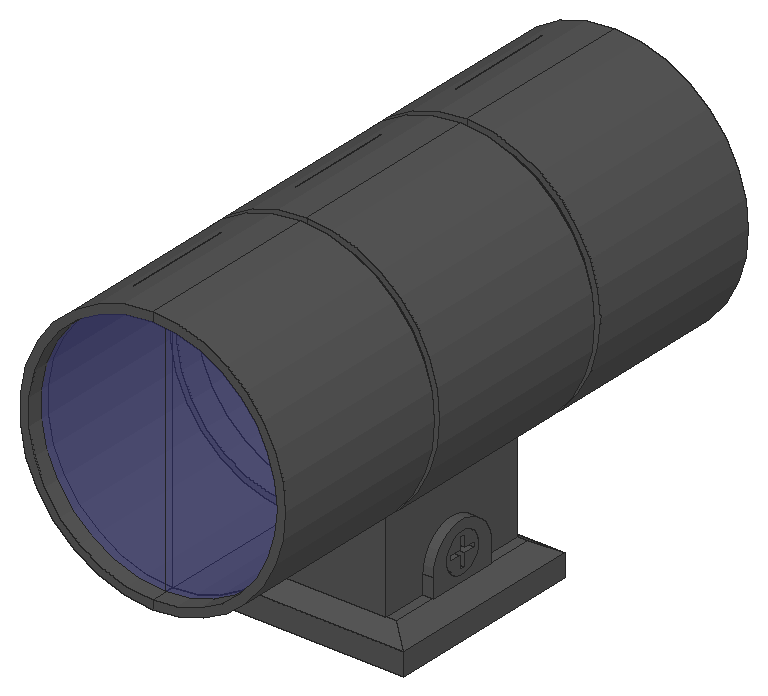
Revit family "CARLO CYLINDER LIGHT WALL MOUNT", category Lighting Fixtures, host Face, Revit 2020 (continued)
Types (10): name | Wattage_Input | Wattage Comments | Wattage | Photometric Web File | built-in parameter 1150142 | Model | built-in parameter 1150105 | Lumens | Light Length 1 | LIGHT RADIUS | LIGHT PLACEMENT | LIGHT LENGTH | LIGHT DIA | built-in parameter 1150106 | FIXED END HEIGHT | Curve base Height | Base Curve | BEAMING ANGLE | Apparent Load
     125.94 126.99 127.87 128.69 129.6 130.53 131.46 \r\n 132.41 133.39 134.41 135.54 136.69 137.72 138.83 140.15 141.69 143.44 \r\n 145.48 147.83 150.56 153.76 157.46 161.66 166.54 172.26 178.96 186.78 \r\n 195.9 206.21 218.76 235.33 253.64 270.78 290.47 316.03 345.8 379.58 \r\n 416.3 454.47 495.21 539.92 586.38 632.32 679.29 728.39 778.64 829.39 \r\n 880.76 933.22 985.08 1034.9 1082.4 1127 1168.5 1206.4 1240.1 1268.4 \r\n 1293.7 1318.2 1341.9 1366.2 1389 1408.2 1424.5 1438.9 1448.8 1451.7 \r\n 1452.3 \r\n1448.4 1453.2 1450.4 1442.6 1430.5 1414.9 1396.1 1374.8 1351.4 1326.6 \r\n 1299.9 1271.1 1238.8 1200.3 1158.7 1116.6 1072.8 1026.8 979.09 930.14 \r\n 880.37 830.29 780.03 729.73 679.92 630.93 583.47 538.49 495.63 454.7 \r\n 416.09 380.06 346.82 316.51 289.67 267.55 248.14 229.3 212.75 199.99 \r\n 189.59 180.58 173.05 166.89 161.78 157.37 153.65 150.57 147.93 145.51 \r\n 143.39 141.6 140.06 138.74 137.58 136.58 135.61 134.54 133.43 132.31 \r\n 131.19 130.12 129.08 128.04 127.01 126.07 125.04 123.72 122.27 120.91 \r\n 119.31 117.48 114.63 109.59 103.55 97.4 90.875 83.956 76.813 69.564 \r\n 62.349 55.375 48.559 41.864 35.357 28.918 23.07 18.27 14.593 12.532 \r\n 11.29 10.238 9.3571 8.3647 7.416 6.5541 5.8329 5.3557 5.0175 4.7568 \r\n 4.5468 4.3343 4.1369 3.9547 3.7872 3.6373 3.4947 3.347 3.203 3.0698 \r\n 2.9408 2.8167 2.6834 2.515 2.348 2.2213 2.101 1.9636 1.817 1.6525 \r\n 1.4972 1.3902 1.2863 1.1386 0.99152 0.88084 0.78544 0.69726 0.6129 0.51993 \r\n 0.43732 0.38548 0.34762 0.31247 0.28386 0.26299 0.24651 0.23456 0.22469 0.21431 \r\n 0.20389 0.19236 0.18168 0.17412 0.1676 0.16058 0.1536 0.14673 0.13983 0.13269 \r\n 0.12554 0.11852 0.11176 0.10556 0.099505 0.093484 0.086928 0.078863 0.070399 0.062418 \r\n 0.054633 0.046965 0.039676 0.03261 0.026941 0.024831 0.02316 0.018271 0.013928 0.014542 \r\n 0.014518 0.0073936 0.00017382 0 0 0 0 0 0 0 \r\n 0 0 0 0 0 0 0.000013 0.00033482 0.0015541 0.0050452 \r\n 0.0087502 0.010344 0.012002 0.015575 0.019708 0.023273 0.027429 0.032913 0.039865 0.049414 \r\n 0.059331 0.067671 0.074711 0.079873 0.083776 0.085847 0.089085 0.097898 0.10749 0.11321 \r\n 0.11905 0.12867 0.1385 0.14549 0.15182 0.15896 0.16609 0.17222 0.17939 0.19044 \r\n 0.20205 0.21075 0.21995 0.23253 0.24669 0.26229 0.2807 0.30182 0.32987 0.36818 \r\n 0.41942 0.48941 0.57206 0.66358 0.76294 0.86464 0.97832 1.1198 1.2651 1.3885 \r\n 1.5106 1.6447 1.7859 1.9396 2.0881 2.2036 2.3219 2.4795 2.6463 2.8045 \r\n 2.9533 3.0784 3.2028 3.3511 3.5048 3.6526 3.7982 3.9345 4.0837 4.2735 \r\n 4.48 4.6752 4.8989 5.1529 5.5237 6.1208 6.8775 7.7649 8.7788 9.9087 \r\n 11.144 12.241 13.892 16.78 20.693 25.827 31.644 37.604 43.916 50.626 \r\n 57.681 65.129 72.706 80.19 87.505 94.493 101.19 107.81 113.66 117.96 \r\n 121.11 123.05 124.37 125.66 126.76 127.65 128.46 129.36 130.27 131.21 \r\n 132.18 133.19 134.24 135.37 136.5 137.54 138.65 139.96 141.47 143.19 \r\n 145.18 147.48 150.17 153.31 156.93 161.02 165.78 171.33 177.85 185.52 \r\n 194.47 204.6 216.75 232.19 249.48 266.68 286.6 311.88 341.19 374.34 \r\n 410.47 448.35 488.85 533.06 579.1 625.08 672.09 720.8 770.54 820.87 \r\n 871.9 924.19 976.05 1026.1 1074 1119 1161 1199.5 1234 1262.9 \r\n 1288.7 1313.3 1336.9 1361.1 1384 1403.9 1421.1 1436.1 1446.8 1450.7 \r\n 1452.3 \r\n1448.4 1452.3 1449.3 1441.5 1429.6 1414 1395.3 1374.1 1350.9 1326.6 \r\n 1300.1 1271.5 1239.2 1200.9 1159.5 1117.2 1073.2 1027 979.17 930.11 \r\n 880.25 830.12 779.83 729.44 679.59 630.78 583.5 538.44 495.44 454.42 \r\n 415.74 379.67 346.43 316.06 289.36 268.06 249.33 229.97 212.7 199.77 \r\n 189.36 180.38 172.92 166.78 161.68 157.3 153.61 150.53 147.9 145.48 \r\n 143.36 141.59 140.06 138.71 137.53 136.55 135.62 134.56 133.47 132.41 \r\n 131.36 130.32 129.3 128.29 127.3 126.39 125.39 124.1 122.67 121.31 \r\n 119.67 117.72 114.75 109.67 103.59 97.364 90.724 83.617 76.262 68.798 \r\n 61.417 54.424 47.629 40.906 34.373 27.938 22.107 17.324 13.671 11.647 \r\n 10.45 9.4521 8.6345 7.7162 6.8579 6.118 5.5222 5.1539 4.8997 4.6742 \r\n 4.4766 4.2719 4.078 3.9015 3.7417 3.6054 3.476 3.3358 3.1956 3.061 \r\n 2.9306 2.8122 2.6844 2.5148 2.3443 2.2137 2.0913 1.9583 1.8164 1.6506 \r\n 1.492 1.382 1.2762 1.1309 0.98541 0.86915 0.76737 0.67686 0.5924 0.50235 \r\n 0.42285 0.37088 0.3323 0.2979 0.26979 0.2473 0.22954 0.21784 0.20858 0.19827 \r\n 0.1879 0.17685 0.16651 0.15852 0.15156 0.14491 0.13852 0.1321 0.12566 0.11914 \r\n 0.1124 0.10486 0.097685 0.09237 0.087338 0.08149 0.074881 0.066995 0.058449 0.0495 \r\n 0.040707 0.032674 0.025524 0.01936 0.014849 0.013527 0.012894 0.010149 0.007731 0.008261 \r\n 0.0083992 0.0042979 0.00010061 0 0 0 0 0 0 0 \r\n 0 0 0 0 0 0 0.000023 0.00064946 0.0026759 0.0081177 \r\n 0.013899 0.016676 0.019271 0.02389 0.02905 0.033852 0.038751 0.043611 0.049313 0.057354 \r\n 0.065753 0.072733 0.079167 0.08564 0.091239 0.093989 0.097648 0.10699 0.11699 0.12289 \r\n 0.12867 0.13765 0.14696 0.15446 0.16133 0.16797 0.17459 0.18133 0.18888 0.19852 \r\n 0.20872 0.21776 0.22754 0.23975 0.25333 0.26961 0.28848 0.30814 0.3351 0.37577 \r\n 0.42865 0.49484 0.57298 0.66302 0.76216 0.86547 0.97919 1.1127 1.2516 1.3825 \r\n 1.5121 1.6405 1.7748 1.9296 2.082 2.2038 2.3257 2.4755 2.6344 2.796 \r\n 2.9508 3.0789 3.2041 3.3487 3.4971 3.6406 3.7802 3.9059 4.0424 4.2173 \r\n 4.4117 4.6129 4.831 5.0449 5.3355 5.777 6.3677 7.1394 8.0654 9.1524 \r\n 10.333 11.291 12.78 15.527 19.294 24.271 29.9 35.56 41.619 48.311 \r\n 55.407 62.834 70.353 77.651 84.869 92.107 99.168 106.1 112.26 116.88 \r\n 120.32 122.51 124 125.39 126.53 127.43 128.24 129.12 130.02 130.95 \r\n 131.93 132.97 134.06 135.18 136.3 137.35 138.47 139.77 141.25 142.93 \r\n 144.87 147.13 149.75 152.82 156.36 160.34 164.97 170.34 176.66 184.17 \r\n 192.92 202.86 214.59 228.92 245.24 262.62 282.86 307.76 336.44 368.9 \r\n 404.4 442.02 482.29 525.95 571.51 617.55 664.63 712.94 762.19 812.09 \r\n 862.79 914.86 966.67 1016.9 1065.2 1110.7 1153.2 1192.4 1227.6 1257.2 \r\n 1283.6 1308.2 1331.7 1355.9 1378.9 1399.5 1417.6 1433.3 1444.7 1449.7 \r\n 1452.3 \r\n1448.4 1451.4 1448.2 1440.3 1428.4 1412.8 1394.2 1373.2 1350.2 1326.2 \r\n 1300.1 1271.4 1239.1 1201.1 1159.8 1117.3 1072.9 1026.5 978.52 929.35 \r\n 879.42 829.23 778.89 728.42 678.56 629.94 582.84 537.73 494.62 453.56 \r\n 414.86 378.8 345.59 315.22 288.69 268.22 250.17 230.49 212.67 199.54 \r\n 189.07 180.14 172.77 166.65 161.58 157.24 153.58 150.51 147.87 145.44 \r\n 143.32 141.57 140.06 138.68 137.48 136.52 135.61 134.56 133.49 132.49 \r\n 131.51 130.51 129.51 128.54 127.6 126.72 125.74 124.49 123.09 121.72 \r\n 120.04 117.93 114.81 109.7 103.62 97.328 90.58 83.309 75.768 68.101 \r\n 60.558 53.522 46.724 39.972 33.419 26.987 21.177 16.44 12.844 10.87 \r\n 9.7246 8.7744 8.0105 7.1594 6.3818 5.7465 5.2564 4.9757 4.7885 4.5949 \r\n 4.4112 4.2136 4.0227 3.8513 3.6983 3.5741 3.4567 3.3236 3.1873 3.0515 \r\n 2.9199 2.8062 2.6831 2.5129 2.34 2.2061 2.0816 1.9522 1.8141 1.6476 \r\n 1.4868 1.3733 1.265 1.1223 0.97875 0.85788 0.75056 0.65752 0.57262 0.48569 \r\n 0.40957 0.35744 0.31808 0.2846 0.2572 0.23331 0.21436 0.20281 0.19407 0.18393 \r\n 0.17376 0.16323 0.15327 0.14491 0.13758 0.13122 0.1253 0.11919 0.11308 0.10711 \r\n 0.10072 0.092697 0.085134 0.080572 0.076432 0.070799 0.064229 0.056577 0.048027 0.038297 \r\n 0.028634 0.020134 0.012963 0.0076397 0.0042092 0.0034928 0.003685 0.0028871 0.0021985 0.0024383 \r\n 0.002549 0.0013136 0.000031 0 0 0 0 0 0 0 \r\n 0 0 0 0 0 0 0.000032 0.00096492 0.0037262 0.010832 \r\n 0.018387 0.022234 0.025679 0.031154 0.037135 0.042976 0.048487 0.052767 0.057304 0.063797 \r\n 0.070717 0.076744 0.082947 0.090652 0.097774 0.10124 0.10534 0.11501 0.12523 0.13138 \r\n 0.13714 0.14533 0.15397 0.16198 0.16944 0.17564 0.18183 0.18923 0.19723 0.20557 \r\n 0.21445 0.22383 0.23414 0.24591 0.25885 0.27556 0.2948 0.31351 0.33974 0.38205 \r\n 0.43579 0.4982 0.57216 0.66133 0.76061 0.86471 0.97786 1.1047 1.2387 1.3763 \r\n 1.5126 1.6354 1.763 1.9194 2.0761 2.2037 2.329 2.4717 2.6235 2.7882 \r\n 2.9481 3.0786 3.2041 3.3451 3.4884 3.6285 3.7634 3.8808 4.0071 4.1694 \r\n 4.3535 4.5596 4.773 4.9537 5.1781 5.4919 5.9467 6.6245 7.4791 8.5308 \r\n 9.6624 10.496 11.835 14.436 18.051 22.874 28.329 33.738 39.59 46.279 \r\n 53.418 60.823 68.281 75.404 82.525 89.987 97.366 104.54 110.95 115.88 \r\n 119.62 122.04 123.71 125.18 126.35 127.27 128.07 128.93 129.81 130.74 \r\n 131.72 132.8 133.91 135.02 136.13 137.19 138.32 139.6 141.05 142.7 \r\n 144.6 146.8 149.35 152.35 155.8 159.68 164.17 169.36 175.5 182.84 \r\n 191.4 201.12 212.48 225.89 241.45 259.1 279.67 304.02 331.92 363.69 \r\n 398.59 435.97 476.03 519.13 564.2 610.26 657.4 705.37 754.17 803.7 \r\n 854.07 905.87 957.59 1008.1 1056.8 1102.7 1145.7 1185.5 1221.3 1251.6 \r\n 1278.5 1303.3 1326.8 1350.9 1373.9 1395.2 1414.2 1430.6 1442.8 1448.8 \r\n 1452.3 \r\n1448.4 1450.6 1446.9 1438.8 1426.6 1410.7 1391.9 1371 1348.2 1324.4 \r\n 1298.3 1269.6 1237.1 1199.1 1157.6 1114.5 1069.4 1022.7 974.52 925.24 \r\n 875.23 824.95 774.56 724.17 674.44 625.97 579.02 533.99 490.98 450.1 \r\n 411.63 375.8 342.8 312.58 286.23 266.09 248.44 229.16 211.68 198.69 \r\n 188.29 179.54 172.33 166.31 161.29 157.01 153.39 150.32 147.68 145.28 \r\n 143.18 141.42 139.91 138.54 137.35 136.4 135.5 134.45 133.4 132.44 \r\n 131.5 130.54 129.6 128.68 127.77 126.93 125.98 124.76 123.37 121.99 \r\n 120.23 117.9 114.58 109.48 103.45 97.132 90.345 83.055 75.481 67.735 \r\n 60.099 52.979 46.125 39.388 32.874 26.447 20.678 16.106 12.688 10.817 \r\n 9.7334 8.8076 8.0483 7.2041 6.4254 5.7766 5.2651 4.9523 4.7406 4.5559 \r\n 4.3891 4.196 4.0063 3.8352 3.6821 3.5591 3.4438 3.3139 3.1803 3.0449 \r\n 2.9128 2.7985 2.6749 2.5054 2.3333 2.1995 2.0746 1.9433 1.8042 1.6411 \r\n 1.4833 1.3669 1.2553 1.1138 0.97232 0.85259 0.74535 0.64948 0.56231 0.47798 \r\n 0.40504 0.35296 0.31319 0.2808 0.25439 0.23 0.21044 0.1989 0.19037 0.18059 \r\n 0.17094 0.16123 0.15191 0.14337 0.13566 0.12926 0.12337 0.11727 0.11115 0.10518 \r\n 0.098717 0.090409 0.082621 0.078242 0.074352 0.068732 0.062158 0.054648 0.046247 0.036593 \r\n 0.026923 0.018209 0.01089 0.0058161 0.0027185 0.0021515 0.0024941 0.00212 0.0015995 0.00085841 \r\n 0.00020396 0.000016 0.000002 0 0 0 0 0 0 0 \r\n 0 0 0 0 0 0 0.000034 0.0010472 0.0038714 0.010905 \r\n 0.018389 0.022335 0.025826 0.031021 0.036696 0.04253 0.04797 0.051802 0.05569 0.061154 \r\n 0.067407 0.07419 0.081446 0.089565 0.09695 0.10079 0.10511 0.11453 0.12442 0.13065 \r\n 0.1364 0.14386 0.15184 0.16012 0.16802 0.17416 0.18035 0.18838 0.19685 0.20451 \r\n 0.21262 0.22219 0.23272 0.24401 0.25621 0.27211 0.29082 0.31017 0.33684 0.37806 \r\n 0.42998 0.48966 0.56162 0.65211 0.75293 0.85568 0.96731 1.0945 1.2297 1.37 \r\n 1.5082 1.6279 1.7527 1.9112 2.071 2.2001 2.326 2.468 2.619 2.7847 \r\n 2.9456 3.0756 3.1998 3.3386 3.48 3.6195 3.7546 3.8729 3.9995 4.1591 \r\n 4.3402 4.5456 4.7557 4.9242 5.1336 5.4342 5.8771 6.5454 7.3931 8.4491 \r\n 9.5708 10.356 11.612 14.083 17.556 22.258 27.616 32.984 38.818 45.496 \r\n 52.62 59.981 67.385 74.439 81.529 89.09 96.587 103.76 110.21 115.38 \r\n 119.39 121.96 123.72 125.22 126.4 127.35 128.17 129.02 129.88 130.81 \r\n 131.79 132.87 133.99 135.08 136.18 137.25 138.39 139.65 141.08 142.7 \r\n 144.56 146.69 149.18 152.12 155.52 159.33 163.74 168.82 174.83 182.04 \r\n 190.46 199.97 211.19 224.76 240.56 258.6 279.21 302.47 329.12 360.35 \r\n 394.98 432.17 472.05 514.75 559.44 605.37 652.44 700.29 748.94 798.25 \r\n 848.37 899.89 951.42 1002 1050.9 1097.2 1140.5 1180.5 1216.5 1247.3 \r\n 1274.6 1299.6 1323.1 1347.2 1370.4 1392.2 1411.8 1428.6 1441.3 1448.1 \r\n 1452.3 \r\n1448.4 1449.9 1445.6 1436.8 1424 1407.6 1388.5 1367.7 1345 1321.1 \r\n 1294.9 1265.9 1233.1 1194.7 1152.8 1108.8 1062.8 1015.6 967.18 917.76 \r\n 867.69 817.29 766.88 716.71 667.25 618.9 572.05 527.24 484.53 444.09 \r\n 406.08 370.7 338.1 308.19 282.04 261.75 244.16 225.98 209.7 197.18 \r\n 187.03 178.57 171.6 165.73 160.82 156.62 153.05 149.99 147.36 144.99 \r\n 142.93 141.16 139.64 138.31 137.16 136.2 135.28 134.24 133.2 132.24 \r\n 131.32 130.42 129.54 128.68 127.83 127.02 126.1 124.89 123.5 122.09 \r\n 120.23 117.62 114.04 108.98 103.06 96.756 90.001 82.836 75.384 67.688 \r\n 60.044 52.802 45.84 39.162 32.744 26.33 20.626 16.331 13.21 11.488 \r\n 10.476 9.5483 8.7424 7.8441 6.9828 6.2038 5.5464 5.0845 4.7588 4.5598 \r\n 4.4114 4.2195 4.0291 3.8537 3.694 3.5615 3.438 3.307 3.1748 3.0413 \r\n 2.9095 2.7891 2.6598 2.4922 2.3241 2.194 2.0705 1.9317 1.7866 1.6309 \r\n 1.4815 1.3629 1.2473 1.1055 0.96617 0.85332 0.75185 0.65295 0.56178 0.47936 \r\n 0.40926 0.35749 0.31776 0.28663 0.2615 0.23744 0.21789 0.20626 0.19764 0.18835 \r\n 0.17946 0.17086 0.16245 0.1539 0.14585 0.13908 0.13279 0.12638 0.11992 0.1134 \r\n 0.10647 0.098074 0.090234 0.085472 0.081185 0.075382 0.068754 0.061252 0.053109 0.044364 \r\n 0.035555 0.026936 0.019391 0.01396 0.010422 0.0095698 0.0094099 0.0079084 0.0059783 0.0036388 \r\n 0.0015382 0.00050155 0.000018 0 0 0 0 0 0 0 \r\n 0 0 0 0 0 0 0.000027 0.00087174 0.0030679 0.0083154 \r\n 0.013903 0.016958 0.019667 0.023468 0.027734 0.032522 0.037219 0.040764 0.044557 0.049579 \r\n 0.05602 0.065203 0.074709 0.082387 0.088747 0.092592 0.096888 0.10548 0.11454 0.12067 \r\n 0.12639 0.13325 0.14068 0.14897 0.1571 0.16358 0.17019 0.1788 0.18771 0.19531 \r\n 0.20324 0.21285 0.22332 0.23412 0.24566 0.25953 0.27681 0.29827 0.32647 0.36395 \r\n 0.41151 0.4696 0.54175 0.63561 0.73928 0.83872 0.94806 1.0823 1.2247 1.3637 \r\n 1.4988 1.6183 1.744 1.9051 2.0667 2.193 2.3169 2.4644 2.6209 2.7856 \r\n 2.9434 3.0701 3.1916 3.3298 3.4723 3.6143 3.7543 3.8827 4.0199 4.1871 \r\n 4.372 4.5714 4.7796 4.9568 5.2026 5.6042 6.1589 6.9023 7.8074 8.9067 \r\n 10.057 10.872 12.116 14.472 17.813 22.424 27.765 33.297 39.3 45.959 \r\n 53.008 60.305 67.667 74.763 81.892 89.422 96.827 103.78 110.05 115.38 \r\n 119.61 122.27 124.05 125.52 126.67 127.67 128.56 129.39 130.23 131.16 \r\n 132.14 133.2 134.29 135.37 136.45 137.54 138.68 139.92 141.32 142.92 \r\n 144.75 146.82 149.24 152.14 155.5 159.29 163.67 168.71 174.66 181.78 \r\n 190.11 199.41 210.74 225.5 242.53 261.02 281.38 303.06 328.07 358.96 \r\n 393.61 430.66 470.39 512.85 557.28 602.93 649.8 697.76 746.55 795.79 \r\n 845.74 896.98 948.24 998.71 1047.6 1094.2 1137.8 1177.6 1213.4 1244.3 \r\n 1271.9 1297 1320.7 1345 1368.3 1390.4 1410.2 1427.3 1440.4 1447.7 \r\n 1452.3 \r\n1448.4 1449.3 1444.3 1434.7 1421.3 1404.4 1384.9 1364.1 1341.5 1317.5 \r\n 1291.1 1261.8 1228.6 1189.8 1147.3 1102.3 1055.5 1007.8 959.12 909.56 \r\n 859.43 808.92 758.48 708.58 659.42 611.16 564.42 519.87 477.52 437.56 \r\n 400.08 365.17 333.03 303.6 277.78 257.24 239.61 222.6 207.62 195.61 \r\n 185.73 177.59 170.86 165.15 160.34 156.22 152.71 149.67 147.04 144.71 \r\n 142.68 140.9 139.36 138.08 136.98 136.01 135.07 134.02 132.99 132.02 \r\n 131.11 130.27 129.46 128.65 127.84 127.06 126.16 124.98 123.58 122.13 \r\n 120.17 117.27 113.43 108.4 102.59 96.318 89.609 82.591 75.292 67.685 \r\n 60.062 52.694 45.612 38.989 32.67 26.278 20.652 16.648 13.834 12.269 \r\n 11.33 10.388 9.5187 8.5567 7.604 6.6827 5.8664 5.2426 4.7923 4.5739 \r\n 4.4417 4.2492 4.0572 3.8775 3.711 3.5672 3.4335 3.3 3.1685 3.0375 \r\n 2.9066 2.7788 2.6427 2.4772 2.3138 2.1884 2.0666 1.9195 1.7674 1.6198 \r\n 1.4795 1.3588 1.2391 1.0968 0.95962 0.85458 0.75986 0.65814 0.56288 0.48216 \r\n 0.4147 0.36335 0.32382 0.29401 0.27022 0.24677 0.22747 0.21579 0.20704 0.19818 \r\n 0.18998 0.18243 0.17492 0.1665 0.15822 0.15102 0.14419 0.13733 0.13041 0.12329 \r\n 0.11587 0.10748 0.099634 0.094358 0.089545 0.083615 0.077007 0.069439 0.061498 0.053782 \r\n 0.045976 0.037518 0.029747 0.023845 0.019713 0.018459 0.017648 0.014741 0.011155 0.0072299 \r\n 0.0036637 0.0013877 0.000043 0 0 0 0 0 0 0 \r\n 0 0 0 0 0 0 0.000018 0.00062297 0.0020623 0.0053015 \r\n 0.0087551 0.010741 0.012515 0.014784 0.017512 0.021088 0.024949 0.028332 0.032227 0.036971 \r\n 0.043763 0.055561 0.067432 0.074468 0.079552 0.08335 0.0876 0.095231 0.10333 0.10937 \r\n 0.11511 0.12146 0.12839 0.13657 0.14485 0.15175 0.1589 0.16804 0.17737 0.18508 \r\n 0.19299 0.20263 0.21298 0.22334 0.23431 0.24619 0.26212 0.2859 0.31572 0.34901 \r\n 0.39178 0.44851 0.52124 0.61871 0.72535 0.82122 0.9281 1.0701 1.2203 1.357 \r\n 1.4882 1.6082 1.7357 1.8994 2.0628 2.1858 2.3074 2.4611 2.6239 2.7872 \r\n 2.9413 3.0644 3.1832 3.3212 3.4653 3.6104 3.7567 3.8977 4.048 4.2249 \r\n 4.4153 4.6076 4.8151 5.0081 5.3043 5.8338 6.5296 7.3701 8.349 9.4972 \r\n 10.682 11.546 12.798 15.036 18.24 22.759 28.092 33.834 40
